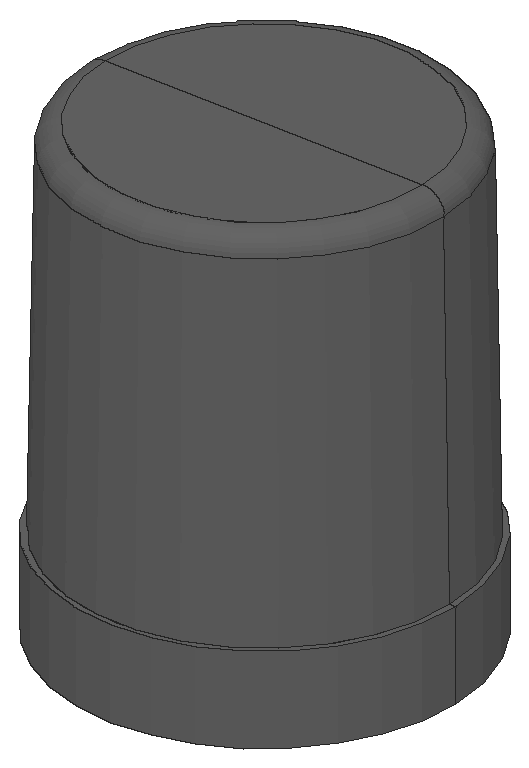
Revit family "NXOFM_On-Fixture_Module", category Communication Devices, host Face, Revit 2014
Parameters
  Warranty = "5-Years Warranty"  # constant formula
  Electrical Rating = "Input: 120-480VAC, 16A Max, 50-60Hz\r\nOutput: 5A@120-347V, 3A@480V\r\nSurge Withstand: 2000V\r\nPeak Inrush: 160A for 2 ms Max\r\nStandby Power (W):\r\n120VAC: 1.2\r\n277VAC: 1.5\r\n347VAC: 1.5\r\n480VAC:1.3"
  Type Comments = "NX On-Fixture Module "  # constant formula
  Product Page URL = "https://www.hubbell.com/hubbellcontrolsolutions/en/Products/Lighting-Controls/Lighting-Controls-Sensors/NX-Distributed-Intelligence-Lighting-Controls/NX-On-Fixture-Module---7-pin/p/2479371"
  Product Features = "Designed for installation on the exterior of the luminaire housing\r\n• NEMA standard male 7-pin twist lock connection\r\n• Integral singe pole relay for On/Off control\r\n• Continuous dimming 0 - 10V control\r\n• Wireless programming via NX Area Controller or NX Room Setup App\r\nfor iOS or Android\r\n• Power measurement\r\n• Auxiliary input for external control\r\n• UL and cUL listed\r\n• Five year warranty\r\n• Built-in daylight sensor"  # constant formula
  Product Documentation Link = "https://hubbellcdn.com/specsheet/NXOFM_On-Fixture_Module_Specification_Sheet.pdf"
  URL = "https://www.hubbell.com/hubbellcontrolsolutions/en"
  Model = "NX On-Fixture Module "  # constant formula
  Manufacturer = "Hubbell Control Solutions"  # constant formula
  L = 5.26"
  Description = "The On-Fixture Module incorporates a single pole relay for On/Off control as well as industry standard 0 - 10 volt continuous dimming control. "  # constant formula
  Default Elevation = 48.00"
  Create Date = "10/22/2018"
  Copyright = "Copyright © 2018 Hubbell Control Solutions"  # constant formula
  Contact Us = "https://www.hubbell.com/hubbellcontrolsolutions/en/contactUs?productId=2479371"
  Housing Material = Paint - Hubbell - Carbon Black
  Certifications = "Conforms with UL916 and Certified to CAN/CSA C22.2 No. 205-M1983\r\nIC Approved\r\nFCC ID: YH9NXOFM1R1DUNV IC: 9044A-NXOFM1R1DUNV\r\nContains FCC ID: U9O-SM220 IC: 7084A-SM22"
  Assembly Code = "D5090"
Reference planes (in)
  plane 1 "Center (Front/Back)": y = 13.01342
  plane 2: z = 0
  plane 3 "Center (Left/Right)": x = 0
  plane 4: x = -1.65
  plane 5: x = 1.65
  plane 6: y = 11.36342
  plane 7: y = 14.66342
Forms (in)
  Revolve 1, solid, material "Paint - Hubbell - Carbon Black" <- "Housing Material"
    sketch origin (0, 13.01342, 0) x (1, 0, 0) y (0, 0, 1)
      loop
        line (0, 0.00805) -> (1.65, 0.00805) -> (1.65, 0.75805) -> (1.6, 0.75805) -> (1.54815, 3.7283)
        arc (1.54815, 3.7283) -> (1.49347, 3.85559) -> (1.36525, 3.90805) r 0.18293
        line (1.36525, 3.90805) -> (0, 3.90805) -> (0, 0.00805)
      axis (0, 3.90805) -> (0, 0.00805)
    angle from 0 to 360
Dimensions and locks (in)
  aligned and locked: plane 2 to host face
  aligned and locked: level to host face
